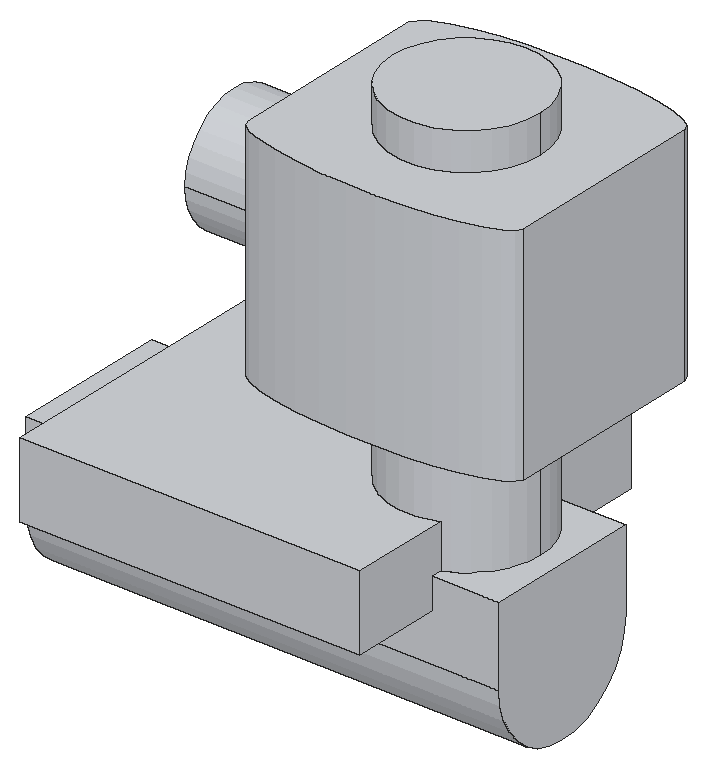
Revit family
Parameters (values of type "Solenoid Valve")
  switch length = 2.230"
  body half = Body / 2  # 1.375"
  Viking Part Number = "11601"
  URL = "http://www.vikinggroupinc.com/databook/deluge/devices/020101.pdf"
  Switch width = 1.630"
  Rev. Date = "12-17-09"
  Manufacturer = "The Viking Corporation"
  Length = 3.844"
  Description = "NC Solenoid Valve"
  Body = 2.750"
  Assembly Code = ""
Reference planes (in)
  plane 1 "Center (Front/Back)": y = 0
  plane 2 "Pipe CL": z = 0
  plane 3 "Center (Left/Right)": x = 0
  plane 4: z = 0.641
  plane 5: x = -1.91835
  plane 6: x = 1.91835
  plane 7: y = 1.375
  plane 8: y = -1.375
  plane 9: x = -1.375
  plane 10: x = 1.375
  plane 11: z = 1
  plane 12: z = 0.39
  plane 13: x = 1.14165
  plane 14: z = 1.73
  plane 15: y = 0.815
  plane 16: y = -0.815
  plane 17: x = 0.02665
  plane 18: x = 2.25665
  plane 19: z = 3.55
  plane 20: z = 3.85
Forms (in)
  Extrusion 1, solid
    sketch origin (0, 0, 0) x (0, 1, 0) y (0, 0, 1)
      loop
        line (0.641, 0) -> (0.641, 0.641) -> (-0.641, 0.641) -> (-0.641, 0)
        arc (-0.641, 0) -> (0, -0.641) -> (0.641, 0) r 0.641
    from -1.91835 to 1.91835
  Extrusion 2, solid
    sketch origin (0, 0, 0) x (1, 0, 0) y (0, 1, 0)
      loop
        line (-1.375, 1.375) -> (-1.375, -1.375) -> (1.375, -1.375) -> (1.375, 1.375) -> (-1.375, 1.375)
    from 0.39 to 1
  Extrusion 3, solid
    sketch origin (0, 0, 0) x (1, 0, 0) y (0, 1, 0)
      loop
        circle (1.14165, 0) r 0.6
    from 0.39 to 3.85
  Extrusion 4, solid
    sketch origin (0, 0, 0) x (1, 0, 0) y (0, 1, 0)
      loop
        line (0.02665, 0.815) -> (0.02665, -0.815)
        spline (0.02665, -0.815) -> (0.06464, -0.8797) -> (0.17603, -0.94) -> (0.35322, -0.99178) -> (0.58415, -1.03151) -> (0.85307, -1.05648) -> (1.14165, -1.065) -> (1.43023, -1.05648) -> (1.69915, -1.03151) -> (1.93007, -0.99178) -> (2.10727, -0.94) -> (2.21866, -0.8797) -> (2.25665, -0.815)
        line (2.25665, -0.815) -> (2.25665, 0.815)
        spline (2.25665, 0.815) -> (2.21866, 0.8797) -> (2.10727, 0.94) -> (1.93007, 0.99178) -> (1.69915, 1.03151) -> (1.43023, 1.05648) -> (1.14165, 1.065) -> (0.85307, 1.05648) -> (0.58415, 1.03151) -> (0.35322, 0.99178) -> (0.17603, 0.94) -> (0.06464, 0.8797) -> (0.02665, 0.815)
    from 1.73 to 3.55
  Extrusion 5, solid
    sketch origin (0, 0, 0) x (0, 1, 0) y (0, 0, 1)
      loop
        circle (0, 2.66396) r 0.5
    from -0.73709 to 1.375
Cuts and joins
  joined: Extrusion 1, Extrusion 2, Extrusion 3
  joined: Extrusion 4, Extrusion 5
Dimensions and locks (in)
  plane 4 to plane 2 "Pipe CL" = 0.641"
  equal spacing: plane 6, plane 3 "Center (Left/Right)", plane 5
  plane 5 to plane 6 = 3.8367"
  equal spacing: plane 9, plane 3 "Center (Left/Right)", plane 10
  "Body": plane 9 to plane 10
  "body half": plane 8 to plane 1 "Center (Front/Back)"
  "body half": plane 1 "Center (Front/Back)" to plane 7
  locked: plane 12 to plane 2 "Pipe CL" at 0.39
  locked: plane 11 to plane 2 "Pipe CL" at 1
  locked: plane 5 to plane 13 at 3.06
  locked: plane 14 to plane 2 "Pipe CL" at 1.73
  equal spacing: plane 15, plane 1 "Center (Front/Back)", plane 16
  "Switch width": plane 15 to plane 16
  equal spacing: plane 17, plane 13, plane 18
  "switch length": plane 17 to plane 18
  locked: plane 19 to plane 2 "Pipe CL" at 3.55
  plane 20 to plane 19 = 0.300"
  radius of Extrusion 1 sketch curve = 0.641"
  aligned and locked: Extrusion 1 to plane 5
  aligned and locked: Extrusion 1 to plane 6
  aligned and locked: plane 9 to Extrusion 2 sketch curve
  aligned and locked: Extrusion 2 sketch curve to plane 7
  aligned and locked: plane 8 to Extrusion 2 sketch curve
  aligned and locked: Extrusion 2 sketch curve to plane 10
  aligned and locked: Extrusion 2 to plane 12
  aligned and locked: plane 11 to Extrusion 2
  aligned and locked: Extrusion 3 to plane 12
  aligned and locked: Extrusion 4 to plane 14
  aligned and locked: plane 19 to Extrusion 4
  aligned and locked: plane 20 to Extrusion 3
Automatic sketch dimensions
  Extrusion 1 sketch curve to plane 4 = 0.000"
  Extrusion 1 sketch curve to level = 0.000"
  Extrusion 1 sketch curve to plane 1 "Center (Front/Back)" = 0.000"
  Extrusion 3 sketch curve to plane 1 "Center (Front/Back)" = 0.000"
  Extrusion 3 sketch curve to plane 13 = 0.000"
  Extrusion 4 sketch curve to plane 15 = 0.000"
  Extrusion 4 sketch curve to plane 17 = 0.000"
  Extrusion 4 sketch curve to plane 13 = 0.000"
  Extrusion 4 sketch curve to plane 16 = 0.000"
  Extrusion 5 sketch curve to plane 1 "Center (Front/Back)" = 0.000"
  Extrusion 5 sketch curve to plane 19 = 0.88604"
  radius of Extrusion 3 sketch curve = 0.600"
  radius of Extrusion 5 sketch curve = 0.500"
